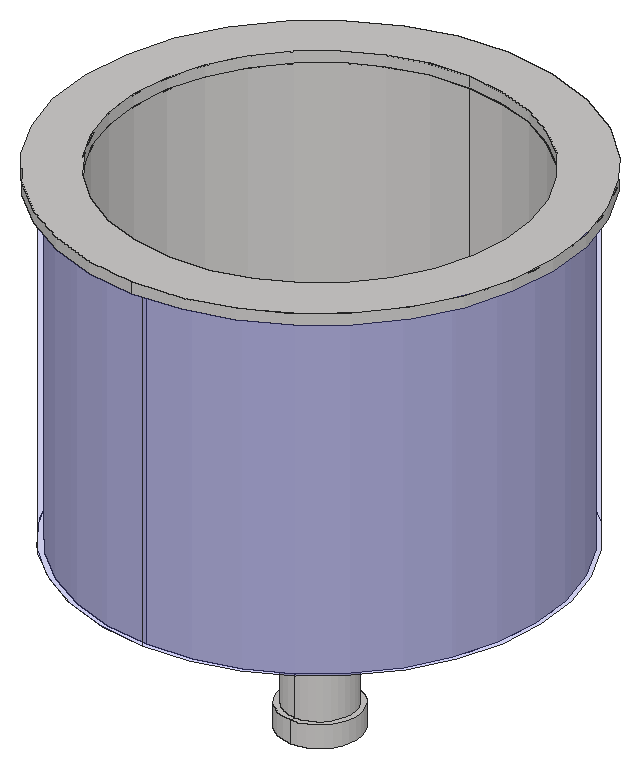
Revit family "QF_Vollrath_36462_cat", category Specialty Equipment, Revit 2016
Family settings
  Part Type = Normal
  Round Connector Dimension = Use Diameter
  OmniClass Number = 23.40.40.14.14
  OmniClass Title = Food Preparation Equipment
  Work Plane-Based = No
  Always vertical = Yes
  Cut with Voids When Loaded = No
  Shared = No
  Room Calculation Point = No
Parameters
  Weight in Pounds = 0
  Watts = 720 W
  Watermarked By = "http://revitwatermark.com"
  Waste Water Discharge Temperature [instance] = -459.67 °F
  Volts = 120 V
  URL Cutsheet = ""
  URL = "www.vollrathco.com"
  Status [instance] = ""
  Specification by User [instance] = ""
  Specification by Manufacturer [instance] = ""
  Serial Number [instance] = ""
  Seismic Rating [instance] = ""
  SMACNA No [instance] = ""
  Revision Code [instance] = ""
  Plumbing Remarks [instance] = ""
  Plumbing Connection Type [instance] = ""
  Phase = 1
  Number of Poles = 1
  NAFEM Spec ID Number [instance] = ""
  Model = "-"
  Masterspec [instance] = ""
  Manufacturer = "Vollrath"
  Item Number [instance] = "-"
  Installed By [instance] = ""
  Indirect Waste Size = 3/4"
  Indirect Waste Flow [instance] = 0.00 GPM
  Indirect Waste Connection Type [instance] = ""
  Indirect Waste Connection Height [instance] = Height AFF - 0' 11 11/16"  # 2' - 0 5/16"
  Height AFF [instance] = 3' - 0"
  Furnished By [instance] = ""
  Foodservice Equipment Identifier [instance] = yes
  FL Amps = 6 A
  Electrical Remarks [instance] = ""
  Electric Connection Type [instance] = ""
  Elec Conn RI Height [instance] = 0' - 0"
  Elec Conn Connection Height [instance] = 2' - 7 1/2"
  Description = "Drop-In Soup Well - 7 1/4 Qt."
  Cycle = 60 Hz
  Conn Plug = "NEMA 5-15P"
  CSI MasterFormat = "11 42 00"
  Assembly Code = "E1090320"
  Apparent Power = if(Phase = 3, Volts * FL Amps * 1.73, Volts * FL Amps)  # 720 VA
Reference planes (in)
  plane 1 "Center LR": y = 0
  plane 2: z = 0
  plane 3 "Center FB": x = 0
  plane 4 "LEFT": x = -5.59375
  plane 5 "RIGHT": x = 5.59375
  plane 6 "Back": y = 5.59375
  plane 7 "Front": y = -5.59375
  plane 8 "Table Top": z = 36
  plane 9 "TOP": z = 36.25
  plane 10 "Bottom": z = 28.3125
  plane 11 "Drain": z = 24.3125
  plane 12: x = -5.15625
  plane 13: x = 5.15625
  plane 14: y = 5.15625
  plane 15: y = -5.15625
Forms (in)
  Extrusion 1, solid, material "QF_Finishes_Stainless Steel"
    sketch origin (0, 0, 36) x (0, 1, 0) y (-1, 0, 0)
      loop
        circle (0, 0) r 5.59375
      loop
        circle (0, 0) r 4.4375
    from 0 to 0.25
  Extrusion 2, solid, material "QF_Finishes_Stainless Steel"
    sketch origin (0, 0, 36) x (0, 1, 0) y (-1, 0, 0)
      loop
        circle (0, 0) r 5.15625
      loop
        circle (0, 0) r 4.4375
    from 0 to -7.6875
  Extrusion 3, solid, material "QF_Finishes_Stainless Steel"
    sketch origin (0, 0, 28.3125) x (0, 1, 0) y (-1, 0, 0)
      loop
        circle (0, 0) r 4.4375
      loop
        circle (0, 0) r 0.75
    from 0 to 0.125
  Revolve 4, solid, material "QF_Finishes_Stainless Steel"
    sketch origin (0, 0, 0) x (0, 1, 0) y (0, 0, 1)
      loop
        line (0.75, 28.3125) -> (0.75, 27.9375) -> (0.5, 27.9375) -> (0.5, 26.6875) -> (0.75, 26.6875) -> (0.75, 26.4375) -> (0.625, 26.4375) -> (0.625, 24.6875) -> (0.75, 24.6875) -> (0.75, 24.3125) -> (0.875, 24.3125) -> (0.875, 24.8125) -> (0.75, 24.8125) -> (0.75, 26.3125) -> (0.875, 26.3125) -> (0.875, 26.8125) -> (0.625, 26.8125) -> (0.625, 27.8125) -> (0.875, 27.8125) -> (0.875, 28.3125) -> (0.75, 28.3125)
      axis (0, 28.3125) -> (0, 24.3125)
    angle from 0 to 360
  Extrusion 5, solid, material "QF_Finishes_Clearance"
    sketch origin (0, 0, 36) x (0, 1, 0) y (-1, 0, 0)
      loop
        circle (0, 0) r 5.28125
      loop
        circle (0, 0) r 5.15625
    from 0 to -7.6875
  Extrusion 6, solid, material "QF_Finishes_Stainless Steel"
    sketch origin (0, 0, 28.3125) x (0, 1, 0) y (-1, 0, 0)
      loop
        circle (-2.79688, 0) r 0.25
    from 0 to -0.0625
Lines and regions (in)
  symbolic lines
    curve 1: circle (0, 0, 28.3125) r 0.75 normal (0, 0, 1)
    curve 2: circle (0, 0, 28.3125) r 4.4375 normal (0, 0, 1)
    curve 3: circle (0, 0, 28.3125) r 5.59375 normal (0, 0, 1)
  model lines, style "QF_Cutout"
    curve 4: line (0, 5.28125, 36.25) -> (0, 5.28125, 42.25)
    curve 5: line (0, -5.28125, 36.25) -> (0, -5.28125, 42.25)
    curve 6: line (-5.28125, 0, 36.25) -> (-5.28125, 0, 42.25)
    curve 7: line (5.28125, 0, 36.25) -> (5.28125, 0, 42.25)
Dimensions and locks (in)
  locked: plane 4 "LEFT" to plane 5 "RIGHT" at 11.1875
  equal spacing: plane 4 "LEFT", plane 3 "Center FB", plane 5 "RIGHT"
  locked: plane 7 "Front" to plane 6 "Back" at 11.1875
  equal spacing: plane 7 "Front", plane 1 "Center LR", plane 6 "Back"
  "Height AFF": plane 8 "Table Top" to level
  locked: plane 9 "TOP" to plane 8 "Table Top" at 0.25
  locked: plane 8 "Table Top" to plane 10 "Bottom" at 7.6875
  plane 8 "Table Top" to plane 11 "Drain" = 0' - 11 11/16"
  locked: plane 4 "LEFT" to plane 12 at 0.4375
  locked: plane 13 to plane 5 "RIGHT" at 0.4375
  locked: plane 14 to plane 6 "Back" at 0.4375
  locked: plane 15 to plane 7 "Front" at 0.4375
  equal spacing: plane 7 "Front", Extrusion 6 sketch curve, plane 1 "Center LR"
  equal spacing: plane 4 "LEFT", Extrusion 6 sketch curve, plane 5 "RIGHT"
  aligned and locked: level to plane 2
  aligned and locked: plane 9 "TOP" to Extrusion 1
  aligned and locked: Extrusion 2 to plane 10 "Bottom"
  aligned and locked: Extrusion 5 to plane 10 "Bottom"
Automatic sketch dimensions
  Extrusion 1 sketch curve to Extrusion 1 sketch curve = 0' - 0"  (x2)
  plane 1 "Center LR" to Extrusion 1 sketch curve = 0' - 0"
  Extrusion 1 sketch curve to plane 3 "Center FB" = 0' - 0"
  Extrusion 2 sketch curve to Extrusion 2 sketch curve = 0' - 0"  (x2)
  plane 1 "Center LR" to Extrusion 2 sketch curve = 0' - 0"
  Extrusion 2 sketch curve to plane 3 "Center FB" = 0' - 0"
  Extrusion 3 sketch curve to Extrusion 3 sketch curve = 0' - 0"  (x2)
  plane 1 "Center LR" to Extrusion 3 sketch curve = 0' - 0"
  Extrusion 3 sketch curve to plane 3 "Center FB" = 0' - 0"
  curve 1 to curve 2 = 0' - 0"
  curve 1 to curve 3 = 0' - 0"  (x2)
  curve 2 to curve 3 = 0' - 0"
  plane 1 "Center LR" to curve 2 = 0' - 0"
  curve 2 to plane 3 "Center FB" = 0' - 0"
  plane 1 "Center LR" to Extrusion 5 sketch curve = 0' - 0"
  Extrusion 5 sketch curve to plane 3 "Center FB" = 0' - 0"
  Extrusion 5 sketch curve to Extrusion 5 sketch curve = 0' - 0"  (x2)
  curve 5 to plane 9 "TOP" = 0' - 0"
  curve 4 to plane 9 "TOP" = 0' - 0"
  curve 5 to plane 15 = 0' - 0 1/8"
  curve 4 to plane 14 = 0' - 0 1/8"
  curve 5 to curve 5 = 0' - 6"
  curve 4 to curve 4 = 0' - 6"
  Revolve 4 sketch curve to plane 1 "Center LR" = 0' - 0"
  Revolve 4 sketch curve to plane 11 "Drain" = 0' - 0"
  Revolve 4 sketch curve to plane 10 "Bottom" = 0' - 0"
  Revolve 4 sketch curve to plane 1 "Center LR" = 0' - 0 1/2"
  Revolve 4 sketch curve to plane 1 "Center LR" = 0' - 0 5/8"
  Revolve 4 sketch curve to Revolve 4 sketch curve = 0' - 0 1/8"  (x10)
  Revolve 4 sketch curve to Revolve 4 sketch curve = 0' - 0"
  Revolve 4 sketch curve to Revolve 4 sketch curve = 0' - 0 1/4"  (x2)
  Revolve 4 sketch curve to level = 2' - 0"
  plane 11 "Drain" to Revolve 4 sketch curve = 0' - 0 3/8"
  Revolve 4 sketch curve to Revolve 4 sketch curve = 0' - 1 1/2"
  Revolve 4 sketch curve to plane 10 "Bottom" = 0' - 0 1/2"
  plane 9 "TOP" to Revolve 4 sketch curve = 2' - 1.65238"
  curve 6 to plane 9 "TOP" = 0' - 0"
  curve 7 to plane 9 "TOP" = 0' - 0"
  curve 6 to plane 12 = 0' - 0 1/8"
  curve 7 to plane 13 = 0' - 0 1/8"
  plane 9 "TOP" to curve 7 = 0' - 6"
  plane 9 "TOP" to curve 6 = 0' - 6"
  radius of Extrusion 1 sketch curve = 0' - 5 19/32"
  radius of Extrusion 1 sketch curve = 0' - 4 7/16"
  radius of Extrusion 2 sketch curve = 0' - 5 5/32"
  radius of Extrusion 2 sketch curve = 0' - 4 7/16"
  radius of Extrusion 3 sketch curve = 0' - 4 7/16"
  radius of Extrusion 3 sketch curve = 0' - 0 3/4"
  radius of curve 1 = 0' - 0 3/4"
  radius of curve 2 = 0' - 4 7/16"
  radius of curve 3 = 0' - 5 19/32"
  radius of Extrusion 5 sketch curve = 0' - 5 9/32"
  radius of Extrusion 5 sketch curve = 0' - 5 5/32"
  radius of Extrusion 6 sketch curve = 0' - 0 1/4"
Connectors (in)
  piping at (0, 0, 24.3125), diameter 1.5, driven by "Indirect Waste Flow"
    settings: on Revolve 4, index 2, connector inside diameter 1 1/2", connector length 0' - 0", flow factor 0, pipe flow 0.00 GPM, pressure drop 0.00 psi, fitting loss kfactor 0, connector angle 0.00°, fixture units 0, engagement length 0' - 0", angle of deflection 0.00°, flow configuration 1, flow direction 2, fitting loss method 0, system type 16, joint type 0, gender type 0, connector reference index -1, connector utility 0, adjustable connector no, is connector primary yes, connector description "Indirect Waste"
  electrical at (0, -2.79688, 28.25), driven by "Number of Poles", driven by "Volts", driven by "Apparent Power"
    settings: on Extrusion 6, index 3, voltage 120 V, apparent load 720 VA, apparent load phase1 0 VA, apparent load phase2 0 VA, apparent load phase3 0 VA, power factor 1, load classification "Other", number of poles 1, system type 30, power factor state 1, is connector primary yes, connector utility no, sub classification motor no, connector description "Electric"
